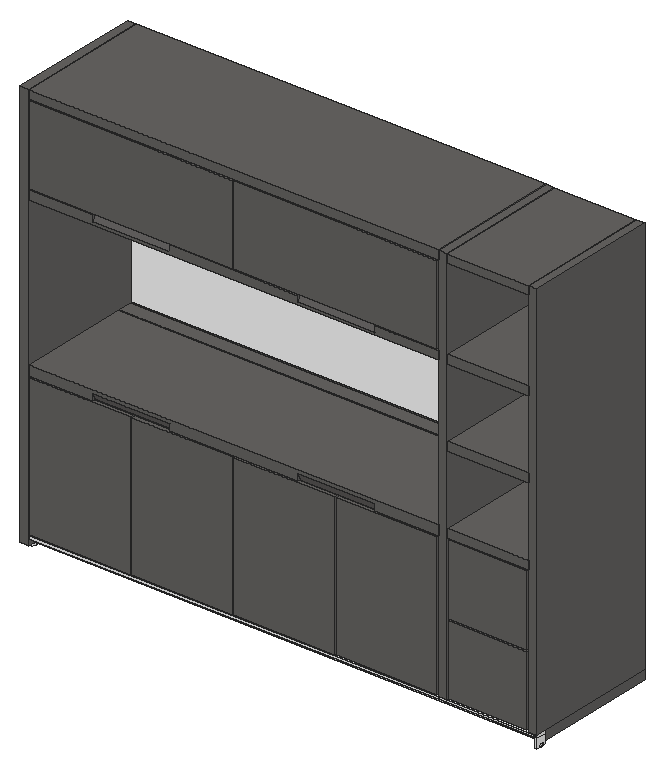
Revit family "Storage-Wall-Teknion-ZXRS_74_High_With_Lights-R2011", category Furniture Systems, Revit 2013
Parameters (values of type "(See Type Catalog)")
  Working Wall Finish [instance] = Glass - Teknion - K6 - White Backpainted
  Width = 92.642"
  Warranty = "http://www.teknionstudio.com/pdfs/Teknion%20Studio%20Warranty.pdf"
  Wall Unit Finish [instance] = Veneer - Teknion - P7 - Grey Oak
  Voltage = 120 V
  Unit Weight = 685.00 lbf
  URL = "www.teknionstudio.com"
  Right Tabletop Cutout Offset = if(Has Right Double Doors, 0", 4")  # 0"
  Left Tabletop Cutout Offset = if(Has Left Double Doors, 0", 4")  # 0"
  Storage Tower = Storage-Unit-Teknion-Tower : Upper Shelves & File/File Pedestal
  Series = "B&B Italia"
  Product Page URL = "http://www.teknionstudio.com/acexecutive/"
  Product Line = "AC Executive"
  Product Documentation Link = "http://www.teknionstudio.com/pricing/ac_executive_storage_walls_ppg.pdf"
  Power Factor = 1
  Part Number = "ZXRS"
  Number of Poles = 1
  Model = ""
  Manufacturer Phone = "919-464-2920"
  Manufacturer Fax = "919-464-2927"
  Manufacturer Email = "customersupport@teknionstudio.com"
  Manufacturer Address = "3940 US 70 Business HWY West, Clayton, NC 27520"
  Manufacturer = "Teknion Studio"  # constant formula
  Low Emitting Material = yes
  Low Emitting Finish = yes
  Height = 73.81394"
  Has Right File File Drawers = not(Has Right Double Doors)  # no
  Has Right Double Doors = yes
  Has Left File File Drawers = not(Has Left Double Doors)  # no
  Has Left Double Doors = yes
  Description = ""
  Depth = 24"
  Assembly Code = "E2020200"
  Apparent Load = 22.8 VA
Reference planes (in)
  plane 1 "Center F/B": y = 0
  plane 2: z = 0
  plane 3 "Center L/R": x = 0
  plane 4 "Left": x = -46.321
  plane 5 "Right": x = 46.321
  plane 6 "Back": y = 12
  plane 7 "Front": y = -12
  plane 8 "Top": z = 73.81394
  plane 9: x = 28.60446
  plane 10: z = 29.68402
  plane 11: z = 56.1289
  plane 12: x = -44.7815
  plane 13: z = 2.1289
  plane 14: x = -8.08858
  plane 15 "Foot Centerline": y = -11.2126
  plane 16 "Tabletop Cutout Left": y = -12
  plane 17 "Foot Centerline Front": y = -10.22835
  plane 18 "Foot Centerline Back": y = 10.22835
  plane 19: y = -8.484
  plane 20 "Tabletop Cutout Right": y = -12
Forms (in)
  Sweep 1, solid, material "Veneer - Teknion - P7 - Grey Oak" <- "Wall Unit Finish"
    path origin (0, 0, 15.40683) x (-1, 0, 0) y (0, -1, 0)
      loop
        line (0, -12) -> (0, 12)
    profile origin (0, 0, 15.40683) x (1, 0, 0) y (0, 0, 1)
      loop
        line (-46.321, -14.81732) -> (-44.7815, -14.81732) -> (-44.7815, 58.4071) -> (-46.321, 58.4071) -> (-46.321, -14.81732)
  Sweep 2, solid, material "Metal - Teknion - C6 - Chrome"
    path origin (0, 0, 0) x (1, 0, 0) y (0, 0, 1)
      loop
        line (28.60446, 2.1289) -> (-44.7815, 2.1289)
    profile origin (-8.08852, 0, 2.1289) x (0, 0, -1) y (0, -1, 0)
      loop
        line (0, 12) -> (0, 10.4252) -> (0.394, 10.4252) -> (0.394, 12) -> (0, 12)
  Sweep 3, solid, material "Metal - Teknion - C6 - Chrome"
    path origin (0, 0, 0) x (1, 0, 0) y (0, 0, 1)
      loop
        line (-44.7815, 2.1289) -> (28.60446, 2.1289)
    profile origin (-8.08852, 0, 2.1289) x (0, 0, 1) y (0, -1, 0)
      loop
        line (-0.394, 10.6222) -> (-1.5748, 10.6222) -> (-1.5748, 10.4252) -> (-0.394, 10.4252) -> (-0.394, 10.6222)
  Sweep 4, solid, material "Veneer - Teknion - P7 - Grey Oak" <- "Wall Unit Finish"
    path origin (0, 0, 0) x (1, 0, 0) y (0, 0, 1)
      loop
        line (-44.7815, 29.68402) -> (28.60446, 29.68402)
    profile origin (-8.08852, 0, 29.68402) x (0, 0, 1) y (0, -1, 0)
      loop
        line (0, 12) -> (-1.7638, 12) -> (-1.7638, 11.276) -> (-27.55512, 11.276) -> (-27.55512, -12) -> (44.12992, -12) -> (44.12992, 12) -> (42.59022, 12) -> (42.59022, 11.2126) -> (27.98392, 11.2126) -> (27.98392, 12) -> (26.44488, 12) -> (26.44488, -10.94094) -> (0, -10.94094) -> (0, -10.90969) -> (-0.72441, -10.90969) -> (-0.72441, -10.56693) -> (0, -10.56693) -> (0, -8.05709) -> (-0.72441, -8.05709) -> (-0.72441, -7.80709) -> (0, -7.80709) -> (0, 12)
  Sweep 5, solid, material "Veneer - Teknion - P7 - Grey Oak" <- "Wall Unit Finish"
    path origin (0, 0, 15.40683) x (-1, 0, 0) y (0, -1, 0)
      loop
        line (0, 12) -> (0, 11.276)
    profile origin (0, -11.638, 15.40683) x (-1, 0, 0) y (0, 0, 1)
      loop
        line (44.5315, 42.5111) -> (44.5315, 56.6174) -> (8.21358, 56.6174) -> (8.21358, 42.5111) -> (44.5315, 42.5111)
      loop
        line (7.96358, 56.6174) -> (-28.35446, 56.6174) -> (-28.35446, 42.5111) -> (7.96358, 42.5111) -> (7.96358, 56.6174)
  Sweep 6, solid, material "Veneer - Teknion - P7 - Grey Oak" <- "Wall Unit Finish", visible <- "Has Right Double Doors"
    path origin (0, 0, 15.40683) x (-1, 0, 0) y (0, -1, 0)
      loop
        line (0, 12) -> (0, 11.276)
    profile origin (0, -11.638, 15.40683) x (-1, 0, 0) y (0, 0, 1)
      loop
        line (7.96358, 12.26339) -> (-10.07321, 12.26339) -> (-10.07321, -13.03482) -> (7.96358, -13.03482) -> (7.96358, 12.26339)
      loop
        line (-10.32321, 12.26339) -> (-28.35446, 12.26339) -> (-28.35446, -13.03482) -> (-10.32321, -13.03482) -> (-10.32321, 12.26339)
  Sweep 7, solid, material "Veneer - Teknion - P7 - Grey Oak" <- "Wall Unit Finish", visible <- "Has Right File File Drawers"
    path origin (0, 0, 15.40683) x (-1, 0, 0) y (0, -1, 0)
      loop
        line (0, 12) -> (0, 11.276)
    profile origin (0, -11.638, 15.40683) x (-1, 0, 0) y (0, 0, 1)
      loop
        line (7.96358, 12.26339) -> (-28.35446, 12.26339) -> (-28.35446, 0.01144) -> (7.96358, 0.01144) -> (7.96358, 12.26339)
      loop
        line (-28.35446, -0.77597) -> (-28.35446, -13.03482) -> (7.96358, -13.03482) -> (7.96358, -0.77597) -> (-28.35446, -0.77597)
  Sweep 8, void
    path origin (0, 0, 0) x (1, 0, 0) y (0, 0, 1)
      loop
        line (3.38793, 29.68402) -> (17.16746, 29.68402)
    profile origin (10.27769, 0, 29.68402) x (0, 0, 1) y (0, -1, 0)
      loop
        line (-1.7638, 12) -> (-1.7638, 11.52756) -> (-0.66143, 12) -> (-1.7638, 12)
  Sweep 9, void
    path origin (0, 0, 0) x (1, 0, 0) y (0, 0, 1)
      loop
        line (-33.3248, 56.1289) -> (-19.54528, 56.1289)
    profile origin (-26.43504, 0, 56.1289) x (0, 0, 1) y (0, -1, 0)
      loop
        line (1.53937, 12) -> (0.43699, 12) -> (1.53937, 11.52755) -> (1.53937, 12)
  Sweep 10, void
    path origin (0, 0, 0) x (1, 0, 0) y (0, 0, 1)
      loop
        line (3.36811, 56.1289) -> (17.14764, 56.1289)
    profile origin (10.25787, 0, 56.1289) x (0, 0, 1) y (0, -1, 0)
      loop
        line (1.53937, 11.52755) -> (1.53937, 12) -> (0.43699, 12) -> (1.53937, 11.52755)
  Revolve 11, solid, material "Metal - Teknion - C6 - Chrome"
    sketch origin (0, -10.22835, 0) x (0, 0, 1) y (1, 0, 0)
      loop
        line (0, -45.55118) -> (0, -46.28917) -> (0.23622, -46.28917) -> (0.23622, -45.83352) -> (0.58951, -45.83352) -> (0.58951, -45.55118) -> (0, -45.55118)
      axis (0, -45.55118) -> (0.58951, -45.55118)
    angle from 0 to 360
  Revolve 12, solid, material "Metal - Teknion - C6 - Chrome"
    sketch origin (0, 10.22835, 0) x (0, 0, 1) y (1, 0, 0)
      loop
        line (0, -45.55118) -> (0, -46.28917) -> (0.23622, -46.28917) -> (0.23622, -45.83352) -> (0.58951, -45.83352) -> (0.58951, -45.55118) -> (0, -45.55118)
      axis (0, -45.55118) -> (0.58951, -45.55118)
    angle from 0 to 360
  Sweep 13, void
    path origin (0, 0, 0) x (1, 0, 0) y (0, 0, 1)
      loop
        line (-19.56509, 29.68402) -> (-33.34462, 29.68402)
    profile origin (-26.45486, 0, 29.68402) x (0, 0, -1) y (0, -1, 0)
      loop
        line (1.7638, 11.52756) -> (1.7638, 12) -> (0.66143, 12) -> (1.7638, 11.52756)
  Sweep 14, solid, material "Veneer - Teknion - P7 - Grey Oak" <- "Wall Unit Finish", visible <- "Has Left Double Doors"
    path origin (0, 0, 0) x (0, 1, 0) y (0, 0, 1)
      loop
        line (-12, 2.1289) -> (-11.276, 2.1289)
    profile origin (0, -11.638, 2.1289) x (0, 0, 1) y (1, 0, 0)
      loop
        line (25.54132, -8.21358) -> (0.24311, -8.21358) -> (0.24311, -26.25038) -> (25.54132, -26.25038) -> (25.54132, -8.21358)
      loop
        line (0.24311, -26.50038) -> (0.24311, -44.53163) -> (25.54132, -44.53163) -> (25.54132, -26.50038) -> (0.24311, -26.50038)
  Sweep 15, solid, material "Veneer - Teknion - P7 - Grey Oak" <- "Wall Unit Finish", visible <- "Has Left File File Drawers"
    path origin (0, 0, 0) x (0, 1, 0) y (0, 0, 1)
      loop
        line (-12, 2.1289) -> (-11.276, 2.1289)
    profile origin (0, -11.638, 2.1289) x (0, 0, 1) y (1, 0, 0)
      loop
        line (25.54132, -8.21358) -> (13.28937, -8.21358) -> (13.28937, -44.53163) -> (25.54132, -44.53163) -> (25.54132, -8.21358)
      loop
        line (12.50197, -44.53163) -> (12.50197, -8.21358) -> (0.24311, -8.21358) -> (0.24311, -44.53163) -> (12.50197, -44.53163)
Cuts and joins
  joined: Sweep 2, Sweep 3
  Sweep 8, Sweep 9, Sweep 10, Sweep 13 cuts Sweep 4
Lines and regions (in)
  Masking region 1
    outline origin (0, 0, 15.40683) x (-1, 0, 0) y (0, -1, 0)
      loop
        line (46.321, -12) -> (46.321, 12) -> (-28.60446, 12) -> (-28.60446, -12) -> (46.321, -12)
  symbolic lines, style "Elevation Swing"
    curve 1: line (-44.7815, -12, 57.66827) -> (-26.43504, -12, 72.02424)
    curve 2: line (-8.08858, -12, 57.66832) -> (-26.43504, -12, 72.02424)
    curve 3: line (-8.08858, 0, 57.66832) -> (10.25794, 0, 72.19583)
    curve 4: line (10.25794, 0, 72.19583) -> (28.60446, 0, 57.66827)
  symbolic lines, detail levels medium+fine
    curve 5: line (-44.7815, 12, 15.40683) -> (-44.7815, -12, 15.40683)
  symbolic lines, style "FurnitureSystemsHiddenLines", detail levels fine
    curve 6: line (28.60446, -11.276, 15.40683) -> (-44.7815, -11.276, 15.40683)
    curve 7: line (-8.08858, 12, 15.40683) -> (-8.08858, -12, 15.40683)
  symbolic lines, visible <- "Has Right Double Doors"
    curve 8: arc (10.25794, -12, 15.40683) -> (15.63151, -24.97295, 15.40683) -> (28.60446, -30.34652, 15.40683) r 18.34652
    curve 9: arc (-8.08858, -30.34652, 15.40683) -> (4.88437, -24.97295, 15.40683) -> (10.25794, -12, 15.40683) r 18.34652
    curve 10: line (-8.08858, -12, 15.40683) -> (-8.08858, -30.34652, 15.40683)
    curve 11: line (28.60446, -12, 15.40683) -> (28.60446, -30.34652, 15.40683)
  symbolic lines, style "Elevation Swing", visible <- "Has Right Double Doors", detail levels medium+fine
    curve 12: line (10.07321, 0, 27.67022) -> (-7.96358, 0, 15.02111)
    curve 13: line (-7.96358, 0, 15.02111) -> (10.07321, 0, 2.37201)
    curve 14: line (10.32321, 0, 2.37201) -> (28.35446, 0, 15.02111)
    curve 15: line (28.35446, 0, 15.02111) -> (10.32321, 0, 27.67022)
  symbolic lines, style "Elevation Swing", visible <- "Has Left Double Doors", detail levels medium+fine
    curve 16: line (-8.21358, 0, 15.02111) -> (-26.25038, 0, 27.67022)
    curve 17: line (-8.21358, 0, 15.02111) -> (-26.25038, 0, 2.37201)
    curve 18: line (-26.50038, 0, 2.37201) -> (-44.53163, 0, 15.02111)
    curve 19: line (-44.53163, 0, 15.02111) -> (-26.50038, 0, 27.67022)
  symbolic lines, visible <- "Has Left Double Doors"
    curve 20: arc (-26.43511, -12, 15.40683) -> (-21.06153, -24.97295, 15.40683) -> (-8.08858, -30.34652, 15.40683) r 18.34652
    curve 21: arc (-44.7815, -30.34652, 15.40683) -> (-31.80854, -24.97295, 15.40683) -> (-26.43497, -12, 15.40683) r 18.34652
    curve 22: line (-44.7815, -12, 15.40683) -> (-44.7815, -30.34652, 15.40683)
    curve 23: line (-8.08858, -12, 15.40683) -> (-8.08858, -30.34652, 15.40683)
Dimensions and locks (in)
  equal spacing: plane 4 "Left", plane 3 "Center L/R", plane 5 "Right"
  "Width": plane 4 "Left" to plane 5 "Right"
  equal spacing: plane 6 "Back", plane 1 "Center F/B", plane 7 "Front"
  "Depth": plane 6 "Back" to plane 7 "Front"
  locked: plane 9 to plane 5 "Right" at 17.71654
  "Height": plane 8 "Top" to plane 2
  locked: plane 10 to plane 2 at 29.68402
  locked: plane 11 to plane 10 at 26.44488
  locked: plane 13 to plane 2 at 2.1289
  locked: plane 13 to Sweep 3 sketch curve at 0.394
  locked: Sweep 3 sketch curve to Sweep 3 sketch curve at 1.1808
  plane 7 "Front" to Sweep 3 sketch curve to Sweep 3 sketch curve = 1.3778" locked, 0.197" locked
  locked: plane 7 "Front" to plane 15 "Foot Centerline" at 0.7874
  plane 13 to Sweep 4 sketch curve = 0"
  locked: plane 10 to Sweep 4 sketch curve at 1.7638
  locked: Sweep 1 sketch curve to plane 2 at 0.58951
  locked: plane 14 to plane 3 "Center L/R" at 8.08858
  locked: plane 7 "Front" to Sweep 5 sketch curve at 0.724
  plane 8 "Top" to Sweep 5 sketch curve to Sweep 5 sketch curve = 1.7897", 14.1063"  (x2)
  Sweep 5 sketch curve to plane 3 "Center L/R" to Sweep 5 sketch curve to Sweep 5 sketch curve to Sweep 5 sketch curve = 28.35446", 7.96358", 1/4", 36.31791"
  locked: plane 7 "Front" to Sweep 6 sketch curve at 0.724
  locked: plane 10 to Sweep 6 sketch curve at 2.0138  (x2)
  locked: Sweep 6 sketch curve to Sweep 6 sketch curve at 25.29821  (x2)
  Sweep 6 sketch curve to Sweep 6 sketch curve to Sweep 6 sketch curve to Sweep 6 sketch curve to plane 12 = 18 1/32" locked, 1/4" locked, 18.0368" locked, 36.81791"
  locked: plane 7 "Front" to Sweep 7 sketch curve at 0.724
  plane 10 to Sweep 7 sketch curve to Sweep 7 sketch curve to Sweep 7 sketch curve to Sweep 7 sketch curve = 2.0138" locked, 12.25195" locked, 0.7874" locked, 12.25886" locked
  Sweep 7 sketch curve to Sweep 7 sketch curve to plane 14 = 36.31805" locked, 1/8" locked  (x2)
  Sweep 8 sketch curve to Sweep 8 sketch curve to plane 14 = 13.77953" locked, 11.47651" locked
  locked: plane 10 to Sweep 8 sketch curve at 1.7638
  locked: plane 20 "Tabletop Cutout Right" to Sweep 8 sketch curve at 0.47244
  "Left Tabletop Cutout Offset": plane 16 "Tabletop Cutout Left" to plane 7 "Front"
  Sweep 9 sketch curve to Sweep 9 sketch curve to plane 4 "Left" = 13.77953" locked, 12.9962" locked
  locked: Sweep 9 sketch curve to plane 11 at 1.53937
  locked: Sweep 9 sketch curve to plane 11 at 0.43699
  locked: plane 7 "Front" to Sweep 9 sketch curve at 0.47245
  Sweep 10 sketch curve to Sweep 10 sketch curve to plane 11 = 1.10238" locked, 0.43699" locked
  locked: plane 7 "Front" to Sweep 10 sketch curve at 0.47245
  locked: Revolve 11 sketch curve to plane 4 "Left" at 0.76982
  Revolve 11 sketch curve to Revolve 11 sketch curve to plane 2 = 0.35329" locked, 0.23622" locked
  locked: Revolve 11 sketch curve to plane 4 "Left" at 0.03183
  locked: Revolve 12 sketch curve to plane 4 "Left" at 0.76982
  Revolve 12 sketch curve to Revolve 12 sketch curve to plane 2 = 0.35329" locked, 0.23622" locked
  locked: Revolve 12 sketch curve to plane 4 "Left" at 0.03183
  equal spacing: plane 14, curve 2, plane 12
  equal spacing: plane 9, curve 4, plane 14
  locked: plane 7 "Front" to curve 6 at 0.724
  locked: plane 6 "Back" to plane 18 "Foot Centerline Back" at 1.77165
  locked: plane 7 "Front" to plane 17 "Foot Centerline Front" at 1.77165
  locked: plane 4 "Left" to plane 12 at 1.5395
  plane 12 to plane 14 = 36.69291"
  locked: plane 7 "Front" to plane 19 at 3.516
  locked: plane 13 to Sweep 2 sketch curve at 0.394
  locked: plane 7 "Front" to Sweep 2 sketch curve at 1.5748
  plane 14 to Sweep 13 sketch curve to Sweep 13 sketch curve = 11.47651" locked, 13.77953" locked
  plane 10 to Sweep 13 sketch curve to Sweep 13 sketch curve = 0.66143" locked, 1.10236" locked
  locked: plane 16 "Tabletop Cutout Left" to Sweep 13 sketch curve at 0.47244
  locked: plane 7 "Front" to Sweep 4 sketch curve at 0.724
  locked: plane 7 "Front" to Sweep 14 sketch curve at 0.724
  plane 14 to Sweep 14 sketch curve to Sweep 14 sketch curve to Sweep 14 sketch curve to Sweep 14 sketch curve = 1/8" locked, 18.0368" locked, 1/4" locked, 18 1/32" locked
  plane 10 to Sweep 14 sketch curve to Sweep 14 sketch curve = 2.0138" locked, 25.29821" locked  (x2)
  locked: plane 7 "Front" to Sweep 15 sketch curve at 0.724
  plane 10 to Sweep 15 sketch curve to Sweep 15 sketch curve to Sweep 15 sketch curve to Sweep 15 sketch curve = 2.0138" locked, 12.25195" locked, 0.7874" locked, 12.25886" locked
  plane 14 to Sweep 15 sketch curve to Sweep 15 sketch curve = 1/8" locked, 36.31805" locked  (x2)
  "Right Tabletop Cutout Offset": plane 20 "Tabletop Cutout Right" to plane 7 "Front"
  aligned and locked: level to plane 2
  aligned and locked: nested 1 to plane 5 "Right"
  aligned and locked: plane 6 "Back" to Sweep 1 sketch curve
  aligned and locked: plane 7 "Front" to Sweep 1 sketch curve
  aligned and locked: Sweep 1 sketch curve to plane 3 "Center L/R"
  aligned and locked: Sweep 1 sketch curve to plane 8 "Top"
  aligned and locked: plane 4 "Left" to Sweep 1 sketch curve  (x2)
  aligned and locked: Sweep 2 sketch curve to plane 13  (x2)
  aligned and locked: Sweep 3 sketch curve to plane 13
  aligned and locked: plane 12 to Sweep 4 sketch curve
  aligned and locked: plane 9 to Sweep 4 sketch curve
  aligned and locked: Sweep 4 sketch curve to plane 10  (x4)
  aligned and locked: Sweep 4 sketch curve to plane 7 "Front"
  aligned and locked: plane 6 "Back" to Sweep 4 sketch curve
  aligned and locked: plane 3 "Center L/R" to Sweep 5 sketch curve
  aligned and locked: plane 7 "Front" to Sweep 5 sketch curve
  aligned and locked: Sweep 4 sketch curve to plane 11
  aligned and locked: plane 3 "Center L/R" to Sweep 6 sketch curve
  aligned and locked: plane 7 "Front" to Sweep 6 sketch curve
  aligned and locked: plane 7 "Front" to Sweep 7 sketch curve
  aligned and locked: plane 3 "Center L/R" to Sweep 7 sketch curve
  aligned and locked: Sweep 8 sketch curve to plane 10
  aligned and locked: Sweep 9 sketch curve to plane 11
  aligned and locked: Sweep 10 sketch curve to plane 11
  aligned and locked: Sweep 10 sketch curve to plane 7 "Front"
  aligned and locked: plane 2 to Revolve 11 sketch curve
  aligned and locked: Revolve 12 sketch curve to plane 2
  aligned and locked: plane 12 to curve 1
  aligned and locked: plane 14 to curve 2
  aligned and locked: Sweep 5 to curve 2
  aligned and locked: plane 9 to curve 4
  aligned and locked: plane 14 to curve 3
  aligned and locked: plane 6 "Back" to curve 5
  aligned and locked: plane 7 "Front" to curve 5
  aligned and locked: plane 9 to curve 6
  aligned and locked: plane 6 "Back" to curve 7
  aligned and locked: plane 7 "Front" to curve 7
  aligned and locked: plane 7 "Front" to Sweep 9 sketch curve
  aligned and locked: Sweep 4 sketch curve to plane 8 "Top"
  aligned and locked: plane 15 "Foot Centerline" to Sweep 4 sketch curve
  aligned and locked: plane 7 "Front" to Sweep 4 sketch curve  (x2)
  aligned and locked: plane 2 to nested 1
  aligned and locked: plane 1 "Center F/B" to nested 1
  aligned: plane 11 to nested 2
  aligned: plane 14 to nested 2
  aligned and locked: nested 2 to plane 19
  aligned and locked: plane 11 to nested 2
  aligned and locked: plane 14 to nested 2
  aligned and locked: plane 9 to Sweep 2 sketch curve
  aligned and locked: plane 9 to Sweep 3 sketch curve
  aligned and locked: curve 7 to curve 10
  aligned and locked: curve 11 to plane 9
  aligned and locked: plane 7 "Front" to curve 11
  aligned and locked: plane 7 "Front" to curve 8
  aligned and locked: Sweep 2 sketch curve to plane 7 "Front"
  aligned and locked: plane 4 "Left" to Masking region 1 sketch curve
  aligned and locked: Masking region 1 sketch curve to plane 6 "Back"
  aligned and locked: Masking region 1 sketch curve to plane 9
  aligned and locked: Masking region 1 sketch curve to plane 7 "Front"
  aligned and locked: plane 10 to Sweep 13 sketch curve
  aligned and locked: Sweep 13 sketch curve to plane 16 "Tabletop Cutout Left"
  aligned and locked: plane 12 to Sweep 2 sketch curve
  aligned and locked: Sweep 14 sketch curve to plane 13
  aligned and locked: plane 7 "Front" to Sweep 14 sketch curve
  aligned and locked: plane 7 "Front" to Sweep 15 sketch curve
  aligned and locked: Sweep 15 sketch curve to plane 13
  aligned and locked: Sweep 6 to curve 12
  aligned and locked: curve 13 to Sweep 6
  aligned and locked: Sweep 6 to curve 14
  aligned and locked: curve 15 to Sweep 6
  aligned and locked: curve 16 to Sweep 14
  aligned and locked: Sweep 14 to curve 17
  aligned and locked: Sweep 14 to curve 18
  aligned and locked: Sweep 14 to curve 19
  aligned and locked: plane 12 to Sweep 3 sketch curve
  aligned and locked: curve 22 to plane 12
  aligned and locked: curve 23 to plane 14
  aligned and locked: plane 16 "Tabletop Cutout Left" to curve 21
  aligned and locked: plane 16 "Tabletop Cutout Left" to curve 20
  aligned and locked: plane 20 "Tabletop Cutout Right" to Sweep 8 sketch curve
Automatic sketch dimensions
  Sweep 1 sketch curve to Sweep 1 sketch curve = 1.5395"
  profile plane to Sweep 8 sketch curve = 0.66143"
  plane 3 "Center L/R" to Sweep 10 sketch curve = 3.36811"
  Sweep 10 sketch curve to plane 9 = 11.45683"
  Revolve 11 sketch curve to level = 0"
  Revolve 11 sketch curve to Revolve 11 sketch curve = 0"  (x2)
  Revolve 11 sketch curve to Revolve 11 sketch curve = 0.28234"
  Revolve 12 sketch curve to level = 0"
  Revolve 12 sketch curve to Revolve 12 sketch curve = 0"  (x2)
  Revolve 12 sketch curve to Revolve 12 sketch curve = 0.28234"
  plane 11 to curve 2 = 1.53942"
  plane 11 to curve 1 = 1.53937"
  Sweep 4 sketch curve to Sweep 4 sketch curve = 0.72441"  (x2)
  Sweep 4 sketch curve to Sweep 4 sketch curve = 1.5397"
  Sweep 4 sketch curve to Sweep 4 sketch curve = 1.05906"
  Sweep 4 sketch curve to Sweep 4 sketch curve = 1/32"
  Sweep 4 sketch curve to Sweep 4 sketch curve = 0.34277"
  Sweep 4 sketch curve to Sweep 4 sketch curve = 2.50984"
  Sweep 4 sketch curve to Sweep 4 sketch curve = 1/4"
  Sweep 4 sketch curve to Sweep 4 sketch curve = 1.53904"
  Sweep 2 sketch curve to Sweep 2 sketch curve = 1.5748"
  plane 13 to curve 18 = 0.24311"
  curve 18 to curve 17 = 1/4"
  curve 19 to plane 10 = 2.0138"
  curve 16 to plane 14 = 1/8"
  curve 12 to plane 10 = 2.0138"
  curve 12 to curve 15 = 1/4"
  plane 13 to curve 14 = 0.24311"
  curve 13 to curve 14 = 1/4"
  plane 13 to curve 17 = 0.24311"
  plane 13 to curve 13 = 0.24311"
  plane 13 to curve 15 = 12.89222"
  plane 13 to curve 12 = 12.89222"
  plane 13 to curve 18 = 12.89222"
  curve 16 to curve 12 = 0"
  curve 16 to curve 19 = 0"
  curve 15 to curve 12 = 0"
  plane 11 to curve 4 = 1.53937"
  plane 11 to curve 3 = 1.53942"
  curve 3 to plane 8 "Top" = 1.61811"
  plane 3 "Center L/R" to curve 8 = 10.25794"
  curve 9 to curve 8 = 0"
  curve 21 to curve 20 = 0.00013"
Nested families (in)
  nested 1: "Storage-Unit-Teknion-Tower" at (37.46273, 0, 0), type <- "Storage Tower", Height <- "Height", type "Upper Shelves & File/File Pedestal"
    with Height 73.81394", Has Top Shelf no, Bottom Drawer Height 13.047"
  nested 2: "Lighting-Teknion-Storage_Wall" at (-8.08858, 0.12401, 56.1289), type "Lighting-Teknion-Storage_Wall"
Connectors (in)
  electrical at (-8.08852, 12, 37.97142), driven by "Number of Poles", driven by "Voltage", driven by "Apparent Load", driven by "Power Factor"
    settings: on cut or joined group of Sweep 4, Sweep 8, Sweep 9, Sweep 10, Sweep 13, index 1, voltage 120 V, apparent load 0 VA, apparent load phase1 22.8 VA, apparent load phase2 0 VA, apparent load phase3 0 VA, power factor 1, load classification "Other", number of poles 1, system type 31, power factor state 1, is connector primary yes, connector utility no, sub classification motor no, connector description "Electrical Connector"
Definition of nested family "Storage-Unit-Teknion-Tower"
  Parameters (values of type "Upper Wardrobe & Lower Door")
    Width = 17.71654"
    Warranty = "http://www.teknionstudio.com/pdfs/Teknion%20Studio%20Warranty.pdf"
    Wall Unit Finish = Veneer - Teknion - P8 - Light Brushed Oak
    URL = "www.teknionstudio.com"
    Series = "B&B Italia"
    Product Line = "AC Executive"
    Model = ""
    Middle Drawer Height = if(Has Top Drawer, 6.425", 12.719")  # 12.719"
    Manufacturer Phone = "919-464-2920"
    Manufacturer Fax = "919-464-2927"
    Manufacturer Email = "customersupport@teknionstudio.com"
    Manufacturer Address = "3940 US 70 Business HWY West, Clayton, NC 27520"
    Manufacturer = "Teknion Studio"  # constant formula
    Height [instance] = 73.81394"
    Has Top Shelf [instance] = and(Height > 75", Has Shelves)  # no
    Has Top Drawer = no
    Has Top Door = yes
    Has Shelves = no
    Has Right Leg = yes
    Has Middle Drawer = no
    Has Lower Shelf = yes
    Has Left Leg = no
    Has Full Wardrobe Door = no
    Has Doors = yes
    Door Projection Symbol = yes
    Description = "Tower Storage Unit"
    Depth = 24"
    Bottom Drawer Height [instance] = if(Has Middle Drawer, 13.047", if(Has Top Drawer, 13.047", if(Has Full Wardrobe Door, (Height - 3.668"), 26.016")))  # 26.016"
    Assembly Code = "E2010200"
  Types (7): name | Wall Unit Finish | Series | Product Line | Middle Drawer Height | Has Top Drawer | Has Top Door | Has Shelves | Has Middle Drawer | Has Lower Shelf | Has Full Wardrobe Door | Has Doors | Door Projection Symbol | Bottom Drawer Height
    Upper Shelves & Lower Door | none | "AC Executive" | "" | 12.719" | no | no | yes | no | yes | no | yes | yes | 26.016"
    Upper Shelves & File/File Pedestal | none | "AC Executive" | "" | 12.719" | no | no | yes | yes | yes | no | no | no | 13.047"
    Upper Shelves & Box/Box/File Pedestal | Veneer - Teknion - P8 - Light Brushed Oak | "AC Executive" | "" | 6.425" | yes | no | yes | yes | yes | yes | no | no | 13.047"
    Full Wardrobe | none | "AC Executive" | "" | 12.719" | no | no | no | no | no | yes | yes | yes | 70.14594"
    Upper Wardrobe & Lower Door | Veneer - Teknion - P8 - Light Brushed Oak | "B&B Italia" | "AC Executive" | 12.719" | no | yes | no | no | yes | no | yes | yes | 26.016"
    Upper Wardrobe & File/File Pedestal | none | "AC Executive" | "" | 12.719" | no | yes | no | yes | yes | no | no | yes | 13.047"
    Upper Wardrobe & Box/Box/File Pedestal | none | "AC Executive" | "" | 6.425" | yes | yes | no | yes | yes | no | no | yes | 13.047"
  Reference planes (in)
    plane 1 "Center F/B": y = 0
    plane 2: z = 0
    plane 3 "Center L/R": x = 0
    plane 4 "Left": x = -8.85827
    plane 5 "Right": x = 8.85827
    plane 6 "Back": y = 12
    plane 7 "Front": y = -12
    plane 8 "Top": z = 73.81394
    plane 9: x = -7.3189
    plane 10: x = 7.3189
    plane 11: z = 2.1289
    plane 12 "Foot Centerline": y = -11.2126
    plane 13: z = 29.68402
    plane 14 "Drawer 1 Top": z = 28.1449
    plane 15 "Drawer 2 Top": z = 40.8639
    plane 16 "Drawer 3 Top": z = 27.89502
    plane 17: z = 42.13677
  Forms (in)
    Sweep 1, solid, material "Metal - Teknion - C6 - Chrome", visible <- "Has Left Leg"
      path origin (0, -12, 0) x (1, 0, 0) y (0, 0, 1)
        loop
          line (-8.85827, 1.7349) -> (-8.85827, 0.05803)
      profile origin (-8.85827, -12, 0.89646) x (0, -1, 0) y (1, 0, 0)
        loop
          line (-1.5748, 0) -> (0, 0) -> (0, 0.394) -> (-1.5748, 0.394) -> (-1.5748, 0)
    Sweep 2, solid, material "Metal - Teknion - C6 - Chrome"
      path origin (0, -12, 0) x (1, 0, 0) y (0, 0, 1)
        loop
          line (-8.85827, 2.1289) -> (8.46427, 2.1289)
      profile origin (-0.197, -12, 2.1289) x (0, 0, 1) y (0, -1, 0)
        loop
          line (-0.394, -1.5748) -> (-0.394, -1.3778) -> (-1.575, -1.3778) -> (-1.575, -1.5748) -> (-0.394, -1.5748)
    Revolve 3, solid, material "Metal - Teknion - C6 - Chrome"
      sketch origin (0, -11.2126, 0) x (0, 0, -1) y (1, 0, 0)
        loop
          line (-0.4911, 8.32677) -> (-0.45173, 8.2874) -> (-0.28492, 8.2874) -> (-0.24555, 8.32677) -> (-0.20618, 8.2874) -> (-0.03937, 8.2874) -> (0, 8.32677) -> (0, 8.66142) -> (-0.4911, 8.66142) -> (-0.4911, 8.32677)
        axis (0, 8.66142) -> (-0.4911, 8.66142)
      angle from 0 to 360
    Revolve 4, solid, material "Metal - Teknion - C6 - Chrome", visible <- "Has Left Leg"
      sketch origin (0, -11.2126, 0) x (0, 0, -1) y (1, 0, 0)
        loop
          line (0, -8.99606) -> (0, -8.66142) -> (-0.4911, -8.66142) -> (-0.4911, -8.99606) -> (-0.45173, -9.03543) -> (-0.28492, -9.03543) -> (-0.24555, -8.99606) -> (-0.20618, -9.03543) -> (-0.03937, -9.03543) -> (0, -8.99606)
        axis (0, -8.66142) -> (-0.4911, -8.66142)
      angle from 0 to 360
    Sweep 5, solid, material "Veneer - Teknion - P8 - Light Brushed Oak" <- "Wall Unit Finish"
      path origin (0, 0, 0) x (1, 0, 0) y (0, 0, 1)
        loop
          line (0, 2.1289) -> (0, 73.81394)
      profile origin (0, 0, 37.97142) x (-1, 0, 0) y (0, -1, 0)
        loop
          line (8.85827, -12) -> (8.85827, 12) -> (7.3189, 12) -> (7.3189, -12) -> (8.85827, -12)
        loop
          line (-7.3189, 12) -> (-8.85827, 12) -> (-8.85827, -12) -> (-7.3189, -12) -> (-7.3189, 12)
    Sweep 6, solid, material "Veneer - Teknion - P8 - Light Brushed Oak" <- "Wall Unit Finish"
      path origin (0, 0, 15.40683) x (-1, 0, 0) y (0, -1, 0)
        loop
          line (0, -12) -> (0, 12)
      profile origin (0, 0, 15.40683) x (1, 0, 0) y (0, 0, 1)
        loop
          line (-7.3189, 58.4071) -> (-7.3189, 56.86773) -> (7.3189, 56.86773) -> (7.3189, 58.4071) -> (-7.3189, 58.4071)
    Sweep 7, solid, material "Veneer - Teknion - P8 - Light Brushed Oak" <- "Wall Unit Finish"
      path origin (0, -12, 0) x (1, 0, 0) y (0, 0, 1)
        loop
          line (0, 2.1289) -> (0, 72.27457)
      profile origin (0, -12, 37.20173) x (-1, 0, 0) y (0, -1, 0)
        loop
          line (7.3189, -24) -> (7.3189, -23.25) -> (-7.3189, -23.25) -> (-7.3189, -24) -> (7.3189, -24)
    Sweep 8, solid, material "Veneer - Teknion - P8 - Light Brushed Oak" <- "Wall Unit Finish", visible <- "Has Lower Shelf"
      path origin (0, -12, 0) x (1, 0, 0) y (0, 0, 1)
        loop
          line (-7.3189, 29.68402) -> (7.3189, 29.68402)
      profile origin (0, -12, 29.68402) x (0, 0, 1) y (0, -1, 0)
        loop
          line (0, 0) -> (-1.539, 0) -> (-1.539, -0.724) -> (-27.55512, -0.724) -> (-27.55512, -23.25) -> (0, -23.25) -> (0, 0)
    Sweep 9, solid, material "Veneer - Teknion - P8 - Light Brushed Oak" <- "Wall Unit Finish"
      path origin (0, -12, 0) x (1, 0, 0) y (0, 0, 1)
        loop
          line (0, 2.3789) -> (0, 27.8949)
      profile origin (0, -12, 15.1369) x (-1, 0, 0) y (0, -1, 0)
        loop
          line (7.0689, -0.724) -> (7.0689, 0) -> (-7.0689, 0) -> (-7.0689, -0.724) -> (7.0689, -0.724)
    Sweep 10, solid, material "Veneer - Teknion - P8 - Light Brushed Oak" <- "Wall Unit Finish", visible <- "Has Middle Drawer"
      path origin (0, -12, 0) x (1, 0, 0) y (0, 0, 1)
        loop
          line (0, 28.1449) -> (0, 40.8639)
      profile origin (0, -12, 34.5044) x (-1, 0, 0) y (0, -1, 0)
        loop
          line (7.0689, -0.724) -> (7.0689, 0) -> (-7.0689, 0) -> (-7.0689, -0.724) -> (7.0689, -0.724)
    Sweep 11, solid, material "Veneer - Teknion - P8 - Light Brushed Oak" <- "Wall Unit Finish", visible <- "Has Top Drawer"
      path origin (0, -12, 0) x (1, 0, 0) y (0, 0, 1)
        loop
          line (0, 47.15802) -> (0, 41.1139)
      profile origin (0, -12, 44.13596) x (0, -1, 0) y (1, 0, 0)
        loop
          line (0, 7.0689) -> (-0.724, 7.0689) -> (-0.724, -7.0689) -> (0, -7.0689) -> (0, 7.0689)
    Sweep 12, solid, material "Veneer - Teknion - P8 - Light Brushed Oak" <- "Wall Unit Finish", visible <- "Has Shelves"
      path origin (0, -12, 0) x (1, 0, 0) y (0, 0, 1)
        loop
          line (0, 42.13677) -> (0, 43.67614)
      profile origin (0, -12, 42.90646) x (-1, 0, 0) y (0, -1, 0)
        loop
          line (7.3189, -23.25) -> (7.3189, 0) -> (-7.3189, 0) -> (-7.3189, -23.25) -> (7.3189, -23.25)
    Sweep 13, solid, material "Veneer - Teknion - P8 - Light Brushed Oak" <- "Wall Unit Finish", visible <- "Has Shelves"
      path origin (0, -12, 13.9918) x (1, 0, 0) y (0, 0, 1)
        loop
          line (0, 42.13677) -> (0, 43.67614)
      profile origin (0, -12, 56.89825) x (-1, 0, 0) y (0, -1, 0)
        loop
          line (7.3189, -23.25) -> (7.3189, 0) -> (-7.3189, 0) -> (-7.3189, -23.25) -> (7.3189, -23.25)
    Sweep 14, solid, material "Veneer - Teknion - P8 - Light Brushed Oak" <- "Wall Unit Finish", visible <- "Has Top Door"
      path origin (0, -12, 0) x (1, 0, 0) y (0, 0, 1)
        loop
          line (0, 29.93402) -> (0, 72.02457)
      profile origin (0, -12, 50.97929) x (-1, 0, 0) y (0, -1, 0)
        loop
          line (7.0689, -0.724) -> (7.0689, 0) -> (-7.0689, 0) -> (-7.0689, -0.724) -> (7.0689, -0.724)
    Sweep 15, solid, material "Veneer - Teknion - P8 - Light Brushed Oak" <- "Wall Unit Finish"
      path origin (0, -12, 0) x (1, 0, 0) y (0, 0, 1)
        loop
          line (-8.85827, 2.1289) -> (8.85827, 2.1289)
      profile origin (0, -12, 2.1289) x (0, 0, 1) y (0, -1, 0)
        loop
          line (0, -1.5748) -> (-1.53937, -1.5748) -> (-1.53937, -24) -> (0, -24) -> (0, -1.5748)
    Sweep 16, solid, material "Veneer - Teknion - P8 - Light Brushed Oak" <- "Wall Unit Finish", visible <- "Has Top Shelf"
      path origin (0, 0, 0) x (1, 0, 0) y (0, 0, 1)
        loop
          line (0, 73.81394) -> (0, 72.27457)
      profile origin (0, 0, 73.04425) x (0, -1, 0) y (1, 0, 0)
        loop
          line (-11.25, -7.3189) -> (12, -7.3189) -> (12, 7.3189) -> (-11.25, 7.3189) -> (-11.25, -7.3189)
    Sweep 17, solid, material "Metal - Teknion - C6 - Chrome"
      path origin (0, 0, 0) x (1, 0, 0) y (0, 0, 1)
        loop
          line (-8.85827, 2.1289) -> (8.85827, 2.1289)
      profile origin (0, 0, 2.1289) x (0, 0, 1) y (0, -1, 0)
        loop
          line (0, 10.4252) -> (0, 12) -> (-0.394, 12) -> (-0.394, 10.4252) -> (0, 10.4252)
    Sweep 18, solid, material "Metal - Teknion - C6 - Chrome"
      path origin (0, 0, 0) x (1, 0, 0) y (0, 0, 1)
        loop
          line (8.85827, 1.7349) -> (8.85827, 0.05803)
      profile origin (8.85827, 0, 0.89646) x (0, -1, 0) y (1, 0, 0)
        loop
          line (10.4252, -0.394) -> (12, -0.394) -> (12, 0) -> (10.4252, 0) -> (10.4252, -0.394)
  Lines and regions (in)
    Masking region 1
      outline origin (0, 0, 15.40683) x (-1, 0, 0) y (0, -1, 0)
        loop
          line (8.85827, -12) -> (8.85827, 12) -> (-8.85827, 12) -> (-8.85827, -12) -> (8.85827, -12)
    symbolic lines, style "FurnitureSystems", detail levels medium+fine
      curve 1: line (-7.3189, 12, 15.40683) -> (-7.3189, -12, 15.40683)
      curve 2: line (7.3189, 12, 15.40683) -> (7.3189, -12, 15.40683)
    symbolic lines, style "FurnitureSystemsHiddenLines", detail levels fine
      curve 3: line (-7.3189, -11.276, 15.40683) -> (7.3189, -11.276, 15.40683)
    symbolic lines, style "Elevation Swing", visible <- "Has Doors"
      curve 4: line (-7.3189, -12, 2.1289) -> (7.3189, -12, 15.1369)
      curve 5: line (7.3189, -12, 15.1369) -> (-7.3189, -12, 28.1449)
    symbolic lines, style "Elevation Swing", visible <- "Has Top Door"
      curve 6: line (-7.3189, -12, 29.68402) -> (7.3189, -12, 50.97929)
      curve 7: line (7.3189, -12, 50.97929) -> (-7.3189, -12, 72.27457)
    symbolic lines, style "FurnitureSystems", visible <- "Door Projection Symbol"
      curve 8: arc (-7.3189, -12, 0) -> (-3.03159, -22.35048, 0) -> (7.3189, -26.6378, 0) r 14.6378
    symbolic lines, visible <- "Door Projection Symbol"
      curve 9: line (7.3189, -12, 15.40683) -> (7.3189, -26.6378, 15.40683)
  Dimensions and locks (in)
    equal spacing: plane 4 "Left", plane 3 "Center L/R", plane 5 "Right"
    "Width": plane 4 "Left" to plane 5 "Right"
    equal spacing: plane 6 "Back", plane 1 "Center F/B", plane 7 "Front"
    "Depth": plane 6 "Back" to plane 7 "Front"
    locked: plane 4 "Left" to plane 9 at 1.53937
    locked: plane 10 to plane 5 "Right" at 1.53937
    "Height": plane 8 "Top" to level
    locked: Sweep 1 sketch curve to level at 0.05803
    locked: plane 11 to plane 2 at 2.1289
    plane 11 to Sweep 2 sketch curve to Sweep 2 sketch curve = 0.394" locked, 1.181" locked
    plane 7 "Front" to Sweep 2 sketch curve to Sweep 2 sketch curve = 1.3778" locked, 0.197" locked
    locked: Revolve 3 sketch curve to plane 2 at 0.4911  (x2)
    locked: plane 5 "Right" to Revolve 3 sketch curve at 0.57087
    locked: plane 7 "Front" to plane 12 "Foot Centerline" at 0.7874
    Revolve 3 sketch curve to Revolve 3 sketch curve to Revolve 3 sketch curve to Revolve 3 sketch curve to plane 2 = 0.16681" locked, 0.07874" locked, 0.16681" locked, 0.03937" locked
    locked: Revolve 4 sketch curve to plane 2 at 0.4911  (x2)
    locked: Revolve 4 sketch curve to Revolve 4 sketch curve at 0.37402
    Revolve 4 sketch curve to Revolve 4 sketch curve to Revolve 4 sketch curve to Revolve 4 sketch curve to plane 2 = 0.16681" locked, 0.07874" locked, 0.16681" locked, 0.03937" locked
    locked: Revolve 4 sketch curve to plane 4 "Left" at 0.19685
    locked: plane 8 "Top" to Sweep 6 sketch curve at 1.53937
    locked: plane 8 "Top" to Sweep 7 sketch curve at 1.53937
    locked: plane 6 "Back" to Sweep 7 sketch curve at 0.75
    locked: plane 13 to plane 2 at 29.68402
    locked: plane 7 "Front" to Sweep 8 sketch curve at 0.724
    locked: plane 13 to Sweep 8 sketch curve at 1.539
    locked: plane 13 to plane 16 "Drawer 3 Top" at 1.789
    "Bottom Drawer Height": plane 14 "Drawer 1 Top" to plane 11
    "Middle Drawer Height": plane 15 "Drawer 2 Top" to plane 14 "Drawer 1 Top"
    locked: plane 14 "Drawer 1 Top" to Sweep 9 sketch curve at 0.25
    locked: plane 7 "Front" to Sweep 9 sketch curve at 0.724
    locked: Sweep 10 sketch curve to plane 12 "Foot Centerline" at 0.0634
    locked: plane 7 "Front" to Sweep 11 sketch curve at 0.724
    locked: plane 17 to plane 13 at 12.45276
    group 1 to group 2 = 0"  (x2)
    group 1 to group 2 = 13.9918"
    locked: Sweep 13 to plane 17 at 13.9918
    locked: plane 8 "Top" to Sweep 14 sketch curve at 1.78937
    locked: Sweep 14 sketch curve to plane 13 at 0.25
    locked: plane 7 "Front" to Sweep 14 sketch curve at 0.724
    locked: plane 11 to Sweep 15 sketch curve at 1.53937
    locked: plane 7 "Front" to Sweep 15 sketch curve at 1.5748
    equal spacing: Sweep 6, curve 7, plane 13
    equal spacing: plane 14 "Drawer 1 Top", curve 5, plane 11
    locked: plane 6 "Back" to Sweep 16 sketch curve at 0.75
    Sweep 16 sketch curve to Sweep 16 sketch curve to plane 2 = 1.53937" locked, 72.27457" locked
    locked: Sweep 9 sketch curve to plane 11 at 0.25
    locked: plane 9 to Sweep 9 sketch curve at 0.25
    locked: Sweep 9 sketch curve to plane 10 at 0.25
    locked: Sweep 11 sketch curve to plane 15 "Drawer 2 Top" at 0.25
    locked: plane 9 to Sweep 11 sketch curve at 0.25
    locked: Sweep 11 sketch curve to plane 10 at 0.25
    locked: Sweep 10 sketch curve to plane 10 at 0.25
    locked: plane 9 to Sweep 10 sketch curve at 0.25
    locked: Sweep 11 sketch curve to Sweep 11 sketch curve at 6.04412
    locked: Sweep 14 sketch curve to plane 10 at 0.25
    locked: plane 9 to Sweep 14 sketch curve at 0.25
    locked: plane 4 "Left" to Sweep 1 sketch curve at 0.394
    locked: plane 7 "Front" to Sweep 1 sketch curve at 1.5748
    locked: plane 11 to Sweep 1 sketch curve at 0.394
    locked: Sweep 17 sketch curve to plane 7 "Front" at 1.5748
    locked: plane 11 to Sweep 17 sketch curve at 0.394
    locked: Sweep 18 sketch curve to plane 2 at 0.05803
    locked: Sweep 18 sketch curve to plane 5 "Right" at 0.394
    locked: plane 7 "Front" to Sweep 18 sketch curve at 1.5748
    locked: plane 11 to Sweep 18 sketch curve at 0.394
    locked: plane 5 "Right" to Sweep 2 sketch curve at 0.394
    aligned and locked: level to plane 2
    aligned and locked: Sweep 1 sketch curve to plane 4 "Left"
    aligned and locked: Sweep 2 sketch curve to plane 11
    aligned and locked: plane 2 to Revolve 3 sketch curve
    aligned and locked: Revolve 3 sketch curve to plane 2
    aligned and locked: plane 2 to Revolve 4 sketch curve
    aligned and locked: Revolve 4 sketch curve to plane 2
    aligned and locked: plane 8 "Top" to Sweep 5 sketch curve
    aligned and locked: plane 11 to Sweep 5 sketch curve
    aligned and locked: plane 3 "Center L/R" to Sweep 5 sketch curve
    aligned and locked: Sweep 5 sketch curve to plane 6 "Back"
    aligned and locked: plane 6 "Back" to Sweep 5 sketch curve
    aligned and locked: Sweep 5 sketch curve to plane 10
    aligned and locked: plane 5 "Right" to Sweep 5 sketch curve
    aligned and locked: Sweep 5 sketch curve to plane 9
    aligned and locked: plane 4 "Left" to Sweep 5 sketch curve
    aligned and locked: Sweep 5 sketch curve to plane 7 "Front"
    aligned and locked: plane 7 "Front" to Sweep 5 sketch curve
    aligned and locked: plane 6 "Back" to Sweep 6 sketch curve
    aligned and locked: plane 7 "Front" to Sweep 6 sketch curve
    aligned and locked: Sweep 6 sketch curve to plane 3 "Center L/R"
    aligned and locked: plane 9 to Sweep 6 sketch curve
    aligned and locked: Sweep 6 sketch curve to plane 8 "Top"
    aligned and locked: Sweep 6 sketch curve to plane 10
    aligned and locked: plane 11 to Sweep 7 sketch curve
    aligned and locked: plane 3 "Center L/R" to Sweep 7 sketch curve
    aligned and locked: plane 9 to Sweep 7 sketch curve
    aligned and locked: Sweep 7 sketch curve to plane 10
    aligned and locked: Sweep 7 sketch curve to plane 6 "Back"
    aligned and locked: plane 9 to Sweep 8 sketch curve
    aligned and locked: plane 10 to Sweep 8 sketch curve
    aligned and locked: Sweep 8 sketch curve to plane 13  (x2)
    aligned and locked: plane 7 "Front" to Sweep 8 sketch curve
    aligned and locked: Sweep 8 sketch curve to plane 11
    aligned and locked: plane 3 "Center L/R" to Sweep 9 sketch curve
    aligned and locked: Sweep 9 sketch curve to plane 7 "Front"
    aligned and locked: plane 15 "Drawer 2 Top" to Sweep 10 sketch curve
    aligned and locked: plane 14 "Drawer 1 Top" to Sweep 10 sketch curve
    aligned and locked: plane 3 "Center L/R" to Sweep 10 sketch curve
    aligned and locked: plane 7 "Front" to Sweep 10 sketch curve
    aligned and locked: Sweep 11 sketch curve to plane 3 "Center L/R"
    aligned and locked: Sweep 11 sketch curve to plane 7 "Front"
    aligned and locked: Sweep 13 to plane 9
    aligned and locked: plane 3 "Center L/R" to Sweep 14 sketch curve
    aligned and locked: Sweep 14 sketch curve to plane 7 "Front"
    aligned and locked: plane 4 "Left" to Sweep 15 sketch curve
    aligned and locked: plane 5 "Right" to Sweep 15 sketch curve
    aligned and locked: Sweep 15 sketch curve to plane 11  (x2)
    aligned and locked: Sweep 15 sketch curve to plane 6 "Back"
    aligned and locked: plane 4 "Left" to Masking region 1 sketch curve
    aligned and locked: Masking region 1 sketch curve to plane 6 "Back"
    aligned and locked: Masking region 1 sketch curve to plane 5 "Right"
    aligned and locked: Masking region 1 sketch curve to plane 7 "Front"
    aligned and locked: plane 6 "Back" to curve 1
    aligned and locked: curve 1 to plane 9
    aligned and locked: plane 7 "Front" to curve 2
    aligned and locked: plane 6 "Back" to curve 2
    aligned and locked: curve 2 to plane 10
    aligned and locked: plane 9 to curve 3
    aligned and locked: plane 10 to curve 3
    aligned and locked: curve 3 to Sweep 14
    aligned and locked: plane 11 to curve 4
    aligned and locked: plane 9 to curve 4
    aligned and locked: plane 10 to curve 5
    aligned and locked: plane 9 to curve 5
    aligned and locked: plane 14 "Drawer 1 Top" to curve 5
    aligned and locked: plane 13 to curve 6
    aligned and locked: plane 9 to curve 6
    aligned and locked: plane 9 to curve 7
    aligned and locked: curve 7 to Sweep 6
    aligned and locked: plane 7 "Front" to curve 8
    aligned and locked: curve 8 to plane 10
    aligned and locked: Sweep 16 sketch curve to plane 3 "Center L/R"
    aligned and locked: plane 9 to Sweep 16 sketch curve
    aligned and locked: Sweep 16 sketch curve to plane 10
    aligned and locked: Sweep 16 sketch curve to plane 7 "Front"
    aligned and locked: plane 4 "Left" to Sweep 17 sketch curve
    aligned and locked: plane 5 "Right" to Sweep 17 sketch curve
    aligned and locked: Sweep 17 sketch curve to plane 11  (x2)
    aligned and locked: Sweep 17 sketch curve to plane 7 "Front"
    aligned and locked: Sweep 18 sketch curve to plane 5 "Right"  (x2)
    aligned and locked: Sweep 18 sketch curve to plane 7 "Front"
    aligned and locked: plane 4 "Left" to Sweep 2 sketch curve
  Automatic sketch dimensions
    Revolve 3 sketch curve to Revolve 3 sketch curve = 0.03937"  (x3)
    Revolve 3 sketch curve to Revolve 3 sketch curve = 0"  (x2)
    Revolve 3 sketch curve to plane 5 "Right" = 0.19685"
    Revolve 4 sketch curve to Revolve 4 sketch curve = 0.03937"  (x3)
    Revolve 4 sketch curve to Revolve 4 sketch curve = 0"  (x2)
    Sweep 12 sketch curve to Sweep 12 sketch curve = 1.53937"
    profile plane to Sweep 12 sketch curve = 0"
    profile plane to Sweep 12 sketch curve = 7.3189"
    Sweep 12 sketch curve to profile plane = 7.3189"
    Sweep 12 sketch curve to profile plane = 23 1/4"
    Sweep 13 sketch curve to Sweep 13 sketch curve = 1.53937"
    profile plane to Sweep 13 sketch curve = 0"
    profile plane to Sweep 13 sketch curve = 7.3189"
    Sweep 13 sketch curve to profile plane = 7.3189"
    Sweep 13 sketch curve to profile plane = 23 1/4"
    Sweep 8 sketch curve to Sweep 8 sketch curve = 22.526"
    curve 7 to plane 10 = 0"
    curve 8 to plane 9 = 0"
    plane 7 "Front" to curve 1 = 0"
    plane 7 "Front" to curve 9 = 14.6378"
    Sweep 1 sketch curve to profile plane = 0"
    plane 7 "Front" to Sweep 1 sketch curve = 0"
Definition of nested family "Lighting-Teknion-Storage_Wall"
  Parameters (values of type "Lighting-Teknion-Storage_Wall")
    Wattage = 4.03926 W
    built-in parameter 1150110 = 1 (stored number, unit not read)
    built-in parameter 1114217 = 1 (stored number, unit not read)
    built-in parameter 1150109 = 1 (stored number, unit not read)
    built-in parameter 1150134 = 1
    built-in parameter 1150113 = 1 (stored number, unit not read)
    Offset From Reference Level = 0"
    Lumens = 600 lm
    built-in parameter 1150115 = 1 (stored number, unit not read)
    built-in parameter 1150105 = 190.99 (stored number, unit not read)
    Light Source Symbol Size = 3"
    built-in parameter 1150137 = (empty or 0)
    built-in parameter 1150139 = (empty or 0)
    built-in parameter 1150112 = 1 (stored number, unit not read)
    built-in parameter 1150114 = 1 (stored number, unit not read)
    built-in parameter 1150132 = 2
    built-in parameter 1150102 = (empty or 0)
    built-in parameter 1150138 = (empty or 0)
    built-in parameter 1150107 = 6500 (stored number, unit not read)
    built-in parameter 1150106 = 1.9099 (stored number, unit not read)
    Emit from Line Length = 68"
    built-in parameter 1150104 = 13.8 (stored number, unit not read)
    Dimming Lamp Color Temperature Shift = 1
    Default Elevation = 48"
    Color Filter = 16776172
    built-in parameter 1114218 = 1 (stored number, unit not read)
    built-in parameter 1150133 = 10 (stored number, unit not read)
    Assembly Code = ""
  Reference planes (in)
    plane 1 "Light Source Axis (F/B)": y = -8.60801
    plane 2: z = 0
    plane 3 "Light Source Axis (L/R)": x = 0
    plane 4 "Light Source Elevation": z = 0
    plane 5: z = 0
    plane 6: x = -36.6875
    plane 7: x = 36.6875
  Forms (in)
    Sweep 1, solid, material "Glass - Teknion - CL - Clear"
      path origin (0, 0, 0) x (1, 0, 0) y (0, 1, 0)
        loop
          line (-36.6875, -8.60801) -> (36.6875, -8.60801)
      profile origin (0, -8.60801, 0) x (0, 1, 0) y (0, 0, 1)
        loop
          line (-0.51562, 0) -> (-0.51562, -0.40625) -> (0.51563, -0.40625) -> (0.51563, 0) -> (-0.51562, 0)
  Dimensions and locks (in)
    equal spacing: plane 7, plane 3 "Light Source Axis (L/R)", plane 6
    locked: plane 7 to plane 6 at 73.375
    locked: plane 5 to Sweep 1 sketch curve at 0.40625
    equal spacing: Sweep 1 sketch curve, plane 1 "Light Source Axis (F/B)", Sweep 1 sketch curve
    locked: Sweep 1 sketch curve to Sweep 1 sketch curve at 1.03125
    aligned and locked: plane 3 "Light Source Axis (L/R)" to imposter light
    aligned and locked: plane 1 "Light Source Axis (F/B)" to imposter light
    aligned and locked: plane 4 "Light Source Elevation" to imposter light
    aligned and locked: level to plane 5
    aligned and locked: plane 5 to plane 2
    aligned and locked: plane 6 to Sweep 1 sketch curve
    aligned and locked: plane 7 to Sweep 1 sketch curve
    aligned and locked: plane 1 "Light Source Axis (F/B)" to Sweep 1 sketch curve
    aligned and locked: Sweep 1 sketch curve to profile plane
